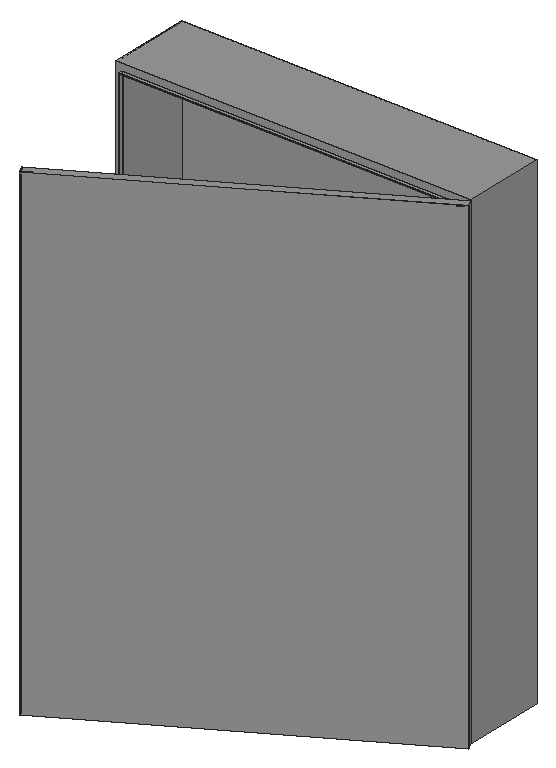
Revit family "Hager-Univers-IP44-D205-H1100-Cl.II-Encl-NoHosted-FR-fr", category Electrical Equipment, Revit 2020
Family settings
  Panel Configuration = Two Columns, Circuits Across
  Round Connector Dimension = Use Diameter
  Part Type = Panelboard
  Work Plane-Based = Yes
  Always vertical = Yes
  Cut with Voids When Loaded = No
  Shared = No
  Room Calculation Point = No
Parameters (values of type "saillie IP44 L800 H1100 P205  - FP73QS")
  Width Control [instance] = if([EF000008 - largeur] > Min Width, [EF000008 - largeur], Min Width)  # 800 mm
  Type Comments = [HG000003 - Gamme]  # "Univers"
  Thickness Door [instance] = if([EF009171 - épaisseur de matériau de la porte/du couvercle] > 3 mm, 3 mm, [EF009171 - épaisseur de matériau de la porte/du couvercle])  # 1 mm
  Seal Frame Offset [instance] = 17 mm  # constant formula
  Plinth Visibility [instance] = [HG000027 - Hauteur du socle] > 0 mm  # no
  Min Width [instance] = 100 mm  # constant formula
  Min Depth [instance] = (2 * [EF009170 - épaisseur de matériau du boîtier]) + 1 mm  # 3 mm
  Min Height [instance] = 100 mm  # constant formula
  Internal Frame Depth [instance] = (Door System Depth * 0.5)  # 9 mm
  Panel Name [instance] = ""  # (empty or 0)
  Model = ""
  HG000027 - Hauteur du socle = 0 mm
  HG000026 - Installation au sol = no
  HG000024 - Hauteur de la section basse = 600 mm
  HG000023 - Armoire double section = no
  HG000016 - Visibilité de la porte 3D [instance] = yes
  HG000015 - Visibilité de l'emprise de la porte [instance] = no
  HG000014 - Porte à droite [instance] = yes
  HG000013 - Porte à gauche [instance] = not([HG000014 - Porte à droite])  # no
  HG000012 - Angle de pivotement de la porte [instance] = 30.00°
  HG000010 - Portes asymétriques = no
  HG000009 - Porte à double battant = no
  HG000006 - Encastré = no
  HG000004 - Référence fabricant = "FP73QS"
  HG000003 - Gamme = "Univers"
  HG000002 - avec porte = yes
  Frame Offset Bottom [instance] = 10 mm  # constant formula
  Frame Offset [instance] = 15 mm  # constant formula
  EF015940 - couvercle avec décharge de pression = no
  EF011959 - degré de protection (NEMA) = ""
  EF009554 - nombre d'ouvertures pour plaques à bride = 6
  EF009212 - finition du couvercle = "EV000116 - fermé"
  EF009171 - épaisseur de matériau de la porte/du couvercle = 1 mm
  EF009170 - épaisseur de matériau du boîtier = 1 mm
  EF008873 - courant nominal (In) = 250 A
  EF007800 - adapté à un parafoudre = no
  EF006306 - avec serrure = no
  EF006244 - couvercle/porte transparent(e) = no
  EF005474 - indice de protection (IP) = "EV006418 - IP44"
  EF004464 - type de porte = "EV002646 - unique"
  EF004427 - nombre de modules = 252
  EF004293 - indice de protection contre les chocs (IK) = "EV006815 - IK09"
  EF003532 - convient pour utilisation à l’extérieur = no
  EF002950 - largeur en nombre de modules = 36
  EF001613 - maintien de fonction = "EV000494 - sans"
  EF001596 - matériau du boîtier/corps = "EV000179 - acier"
  EF001131 - profondeur intérieure = 143 mm
  EF001088 - possibilité de montage en saillie = yes
  EF000437 - nombre d'entrées de conduit = 6
  EF000339 - type de capot = "EV001012 - couvercle"
  EF000266 - nombre de rangées = 7
  EF000218 - profondeur d'encastrement = 0 mm
  EF000118 - avec cadre/support de montage = no
  EF000116 - numéro RAL = "9010"
  EF000049 - profondeur = 205 mm
  EF000040 - hauteur = 1100 mm
  EF000008 - largeur = 800 mm
  EF000007 - couleur = "EV000202 - blanc"
  EF000003 - mode de pose = "EV000384 - saillie"
  Door System Leaf Tolerance [instance] = 1.5 mm  # constant formula
  Door System Depth [instance] = 18 mm  # constant formula
  Door Height [instance] = Height Control - [HG000027 - Hauteur du socle]  # 1100 mm
  Description = ""
  Default Elevation = 1219.2 mm
  Connector Offset [instance] = Height Control / 2  # 550 mm
  Manufacturer = "Hager"  # constant formula
  Height Control [instance] = if([EF000040 - hauteur] > Min Height, [EF000040 - hauteur], Min Height)  # 1100 mm
  Depth Control [instance] = if([EF000049 - profondeur] > Min Depth, [EF000049 - profondeur], Min Depth)  # 205 mm
  Bottom Top Plate Trim [instance] = 1.5 mm  # constant formula
  Plinth height Ctrl [instance] = if([HG000027 - Hauteur du socle] > 0 mm, [HG000027 - Hauteur du socle], 12 mm)  # 12 mm
Types (3, lengths in mm): name | Width Control | HG000009 - Porte à double battant | HG000004 - Référence fabricant | EF009554 - nombre d'ouvertures pour plaques à bride | EF004464 - type de porte | EF004427 - nombre de modules | EF002950 - largeur en nombre de modules | EF000437 - nombre d'entrées de conduit | EF000008 - largeur
  saillie IP44 L1050 H1100 P205  - FP74QS | 1050 | yes | "FP74QS" | 8 | "EV003602 - double" | 336 | 48 | 8 | 1050
  saillie IP44 L550 H1100 P205  - FP72QS | 550 | no | "FP72QS" | 4 | "EV002646 - unique" | 168 | 24 | 4 | 550
  saillie IP44 L800 H1100 P205  - FP73QS | 800 | no | "FP73QS" | 6 | "EV002646 - unique" | 252 | 36 | 6 | 800
Reference planes
  plane 1 "Center (Front/Back)": y = 0
  plane 2: z = 0
  plane 3 "Center (Left/Right)": x = 0
  plane 4: y = 0
  plane 5: y = 0
  plane 6: z = 0
  plane 7: x = -400
  plane 8: x = 400
  plane 9: x = 399
  plane 10: x = -399
  plane 11: z = 0
  plane 12: z = 1
  plane 13: y = -205
  plane 14: y = -1
  plane 15: x = 0
  plane 16: y = -187
  plane 17: y = -204
  plane 18: y = -186
  plane 19: x = -384
  plane 20: x = 384
  plane 21: z = 11
  plane 22: x = -383
  plane 23: x = 383
  plane 24: z = 0
  plane 25: z = 1100
  plane 26: z = 1100
  plane 27: z = 1084
  plane 28: z = 1099
Forms (mm)
  Extrusion 1, solid, material "Hager_Steel_RAL7035_Light_Grey", detail levels medium+fine
    sketch origin (-208.679, -4572, 0) x (-1, 0, 0) y (0, -1, 0)
      loop
        line (191.321, -4385) -> (-608.679, -4385) -> (-608.679, -4572) -> (191.321, -4572) -> (191.321, -4385)
    from 0 to 1100
  Extrusion 2, void
    sketch origin (-350.771, -205, 1219.2) x (1, 0, 0) y (0, 0, 1)
      loop
        line (-48.229, -120.2) -> (-48.229, -1218.2) -> (749.771, -1218.2) -> (749.771, -120.2) -> (-48.229, -120.2)
    from -19 to -204
  Extrusion 3, void
    sketch origin (-290.084, -187, 1219.2) x (1, 0, 0) y (0, 0, 1)
      loop
        line (-93.916, -1208.2) -> (674.084, -1208.2) -> (674.084, -135.2) -> (-93.916, -135.2) -> (-93.916, -1208.2)
    from 0 to -1
  Extrusion 4, solid, material "Hager_Steel_RAL7035_Light_Grey", visible <- "Plinth Visibility", detail levels medium+fine
    sketch origin (0, 0, 0) x (1, 0, 0) y (0, 1, 0)
      loop
        line (-400, 0) -> (-400, -187) -> (400, -187) -> (400, 0) -> (-400, 0)
    from 0 to 12 <- "Plinth height Ctrl"
  Extrusion 5, solid, material "Hager_Steel_RAL7035_Light_Grey", detail levels coarse
    sketch origin (0, 0, 0) x (1, 0, 0) y (0, 1, 0)
      loop
        line (-400, 0) -> (-400, -205) -> (400, -205) -> (400, 0) -> (-400, 0)
    from 0 to 1100 <- "Height Control"
  Sweep 6, void
    path in 3D
      loop
        line (-400, -187, 12) -> (400, -187, 12) -> (400, 0, 12) -> (-400, 0, 12) -> (-400, -187, 12)
    profile origin (-400, -93.5, 12) x (1, 0, 0) y (0, 0, 1)
      loop
        line (0, 0) -> (0, -1.5) -> (1.5, -1.5)
        arc (1.5, -1.5) -> (1.061, -0.439) -> (0, 0) r 1.5
  Extrusion 7, solid, material "Hager_Steel_RAL7035_Light_Grey", detail levels fine
    sketch origin (-400, -187, 0) x (1, 0, 0) y (0, 0, 1)
      loop
        line (16, 11) -> (784, 11) -> (784, 1084) -> (16, 1084) -> (16, 11)
      loop
        line (15, 10) -> (785, 10) -> (785, 1085) -> (15, 1085) -> (15, 10)
    from 0 to 9 <- "Internal Frame Depth"
Cuts and joins
  Extrusion 2, Extrusion 3 cuts Extrusion 1
  Sweep 6 cuts Extrusion 4
Lines and regions (mm)
  Masking region 1
    outline origin (0, 0, 0) x (1, 0, 0) y (0, 1, 0)
      loop
        line (-400, 0) -> (-400, -205) -> (400, -205) -> (400, 0) -> (-400, 0)
  Masking region 2, detail levels coarse
    outline origin (-290.084, -187, 1219.2) x (-1, 0, 0) y (0, 0, 1)
      loop
        line (-690.084, -1219.2) -> (109.916, -1219.2) -> (109.916, -119.2) -> (-690.084, -119.2) -> (-690.084, -1219.2)
  Masking region 3, detail levels coarse
    outline origin (0, 0, 0) x (0, 1, 0) y (0, 0, 1)
      loop
        line (0, 0) -> (0, 1100) -> (-205, 1100) -> (-205, 0) -> (0, 0)
  Masking region 4, visible <- "Plinth Visibility", detail levels medium+fine
    outline origin (0, 0, 0) x (0, 1, 0) y (0, 0, 1)
      loop
        line (-1.5, 12) -> (-185.5, 12)
        arc (-185.5, 12) -> (-185.939, 10.939) -> (-187, 10.5) r 1.5
        line (-187, 10.5) -> (-187, 0) -> (0, 0) -> (0, 10.5)
        arc (0, 10.5) -> (-1.061, 10.939) -> (-1.5, 12) r 1.5
  Masking region 5, detail levels medium+fine
    outline origin (0, 0, 594.038) x (0, 1, 0) y (0, 0, 1)
      loop
        line (0, -594.038) -> (0, 505.962) -> (-187, 505.962) -> (-187, -594.038) -> (0, -594.038)
  Masking region 6, detail levels medium+fine
    outline origin (-359.7, -187, 1211.883) x (-1, 0, 0) y (0, 0, 1)
      loop
        line (-759.7, -1211.883) -> (40.3, -1211.883) -> (40.3, -111.883) -> (-759.7, -111.883) -> (-759.7, -1211.883)
  Masking region 7, visible <- "Plinth Visibility", detail levels medium+fine
    outline origin (-320.334, -187, 1041.368) x (-1, 0, 0) y (0, 0, 1)
      loop
        line (-720.334, -1041.368) -> (79.666, -1041.368) -> (79.666, -1030.868)
        arc (79.666, -1030.868) -> (78.606, -1030.429) -> (78.166, -1029.368) r 1.5
        line (78.166, -1029.368) -> (-718.834, -1029.368)
        arc (-718.834, -1029.368) -> (-719.273, -1030.429) -> (-720.334, -1030.868) r 1.5
        line (-720.334, -1030.868) -> (-720.334, -1041.368)
  sketch lines
    curve 1: line (-400, 0, 12) -> (-400, -187, 12)
    curve 2: line (-400, -187, 12) -> (400, -187, 12)
    curve 3: line (400, 0, 12) -> (-400, 0, 12)
    curve 4: line (400, -187, 12) -> (400, 0, 12)
Dimensions and locks
  locked: plane 1 "Center (Front/Back)" to plane 5
  "EF009170 - épaisseur de matériau du boîtier": plane 7 to plane 10
  "EF009170 - épaisseur de matériau du boîtier": plane 8 to plane 9
  equal spacing: plane 7, plane 3 "Center (Left/Right)", plane 8
  "Width Control": plane 7 to plane 8
  "Depth Control": plane 4 to plane 13
  "EF009170 - épaisseur de matériau du boîtier": plane 4 to plane 14
  "Height Control": plane 25 to level
  "HG000027 - Hauteur du socle": plane 11 to level
  "EF009170 - épaisseur de matériau du boîtier": plane 12 to plane 11
  "EF009170 - épaisseur de matériau du boîtier": plane 17 to plane 13
  "EF009170 - épaisseur de matériau du boîtier": plane 18 to plane 16
  "Frame Offset Bottom": plane 21 to plane 12
  "Frame Offset": plane 10 to plane 19
  "Frame Offset": plane 9 to plane 20
  "Door System Depth": plane 16 to plane 13
  "Seal Frame Offset": plane 7 to plane 22
  "Seal Frame Offset": plane 8 to plane 23
  "EF009170 - épaisseur de matériau du boîtier": plane 26 to plane 28
  "Frame Offset": plane 28 to plane 27
  "Connector Offset": plane 2 to connector elem
  "Bottom Top Plate Trim": profile plane to Sweep 6 sketch curve
  "Bottom Top Plate Trim": Sweep 6 sketch curve to Sweep 6 sketch curve
  "Plinth height Ctrl": Masking region 4 sketch curve to level
  "Plinth height Ctrl": Masking region 7 sketch curve to level
  "Thickness Door": Extrusion 7 sketch curve to Extrusion 7 sketch curve  (x4)
  "Bottom Top Plate Trim": radius of Sweep 6 sketch curve
  "Bottom Top Plate Trim": radius of Masking region 4 sketch curve  (x2)
  "Bottom Top Plate Trim": radius of Masking region 7 sketch curve  (x2)
  aligned and locked: Extrusion 2 sketch curve to plane 12
  aligned and locked: Extrusion 2 sketch curve to plane 9
  aligned and locked: Extrusion 2 sketch curve to plane 10
  aligned and locked: Extrusion 2 to plane 14
  aligned and locked: Extrusion 1 sketch curve to plane 4
  aligned and locked: plane 8 to Extrusion 1 sketch curve
  aligned and locked: plane 7 to Extrusion 1 sketch curve
  aligned and locked: Extrusion 2 to plane 18
  aligned and locked: Extrusion 3 sketch curve to plane 19
  aligned and locked: plane 20 to Extrusion 3 sketch curve
  aligned and locked: Extrusion 3 to Extrusion 2
  aligned and locked: Extrusion 3 sketch curve to plane 21
  aligned and locked: plane 3 "Center (Left/Right)" to nested 1
  aligned and locked: Extrusion 1 sketch curve to plane 16
  aligned and locked: Extrusion 4 sketch curve to cut or joined group of Extrusion 1, Extrusion 2, Extrusion 3
  aligned and locked: Masking region 1 sketch curve to plane 7
  aligned and locked: Masking region 1 sketch curve to plane 5
  aligned and locked: Masking region 1 sketch curve to plane 8
  aligned and locked: Masking region 2 sketch curve to level
  aligned and locked: level to Masking region 3 sketch curve
  aligned and locked: plane 1 "Center (Front/Back)" to Masking region 3 sketch curve
  aligned and locked: plane 13 to Masking region 3 sketch curve
  aligned and locked: plane 5 to Masking region 4 sketch curve
  aligned and locked: Masking region 2 sketch curve to plane 8
  aligned and locked: Masking region 2 sketch curve to plane 7
  aligned and locked: plane 7 to nested 2
  aligned and locked: nested 2 to plane 5
  aligned and locked: plane 5 to Masking region 5 sketch curve
  aligned and locked: plane 26 to Masking region 5 sketch curve
  aligned and locked: Extrusion 5 sketch curve to plane 8
  aligned and locked: Extrusion 5 sketch curve to plane 7
  aligned and locked: Extrusion 5 sketch curve to plane 5
  aligned and locked: Extrusion 3 sketch curve to plane 27
  aligned and locked: Extrusion 2 sketch curve to plane 28
  aligned and locked: Masking region 2 to plane 25
  aligned and locked: Extrusion 4 to plane 16
  aligned and locked: profile plane to Sweep 6 sketch curve
  aligned and locked: Masking region 5 sketch curve to plane 24
  aligned and locked: level to Masking region 4 sketch curve
  aligned and locked: Masking region 1 to plane 13
  aligned and locked: nested 1 to plane 16
  aligned and locked: Masking region 3 to plane 25
  aligned and locked: plane 16 to Masking region 4 sketch curve
  aligned and locked: Masking region 5 sketch curve to plane 16
  aligned and locked: plane 24 to plane 11
  aligned and locked: plane 26 to plane 25
  aligned and locked: plane 26 to cut or joined group of Extrusion 1, Extrusion 2, Extrusion 3
  aligned and locked: nested 1 to plane 24
  aligned and locked: Extrusion 1 to Extrusion 3
  aligned and locked: Masking region 6 sketch curve to plane 8
  aligned and locked: Masking region 6 sketch curve to plane 24
  aligned and locked: Masking region 6 sketch curve to plane 7
  aligned and locked: Masking region 6 sketch curve to plane 26
  aligned and locked: Masking region 7 sketch curve to plane 7
  aligned and locked: level to Masking region 7 sketch curve
  aligned and locked: Masking region 7 sketch curve to plane 8
  aligned and locked: Extrusion 7 sketch curve to cut or joined group of Extrusion 1, Extrusion 2, Extrusion 3  (x4)
Automatic sketch dimensions
  plane 19 to Extrusion 3 sketch curve = 0 mm
  Extrusion 3 sketch curve to plane 20 = 0 mm
  Extrusion 3 sketch curve to plane 21 = 0 mm
  Extrusion 4 sketch curve to plane 7 = 0 mm
  Extrusion 4 sketch curve to plane 8 = 0 mm
  Extrusion 4 sketch curve to plane 16 = 0 mm
  Masking region 1 sketch curve to plane 13 = 0 mm
  Masking region 2 sketch curve to plane 25 = 0 mm
  Masking region 3 sketch curve to plane 25 = 0 mm
  Extrusion 5 sketch curve to plane 13 = 0 mm
  profile plane to Sweep 6 sketch curve = 0 mm
Nested families
  nested 1: "EC000058_Univers_Door" at (0, -187, 0), Double <- "HG000009 - Porte à double battant", Transparent <- "EF006244 - couvercle/porte transparent(e)", Angle <- "HG000012 - Angle de pivotement de la porte", Door_Right <- "HG000014 - Porte à droite", Assymetrical <- "HG000010 - Portes asymétriques", Door <- "HG000002 - avec porte", Width_Ctrl <- "Width Control", 3d_Door <- "HG000016 - Visibilité de la porte 3D", Clearance <- "HG000015 - Visibilité de l'emprise de la porte", Door_Left <- "HG000013 - Porte à gauche", Width <- "Width Control", Door_Depth <- "Door System Depth", Leaf_Tolerance <- "Door System Leaf Tolerance", Height <- "Door Height", Lock_Visibility <- "EF006306 - avec serrure", Thickness <- "Thickness Door", type "EC000058_Univers_Door", detail levels medium+fine
    with min_wh 3 mm, Width_Ctrl 800 mm, Width 800 mm, Transparent no, Thickness 1 mm, Seal_Material Hager_Rubber, Lock_Visibility no, Lock_Material Hager_Plastic_RAL9005_Jet_Black, Leaf_Width 800 mm, Leaf_Tolerance_External_Sides 0 mm, Leaf_Tolerance 1.5 mm, Leaf_Offset 0 mm, Leaf_Height 1097 mm, Leaf_2_Width 800 mm, Leaf_2_Offset 400 mm, Leaf_1_Width 800 mm, Leaf_1_Offset 400 mm, Height_Ctrl 1100 mm, Height 1100 mm, Glass_Material Hager_Glass, Double_Clearance_Ctrl no, Double no, Door_Right_Ctrl yes, Door_Right yes, Door_Material Hager_Steel_RAL7035_Light_Grey, Door_Left_Ctrl no, Door_Left no, Door_Depth 18 mm, Door yes, Clearance_Material Hager_Clearance, Clearance_Depth 800 mm, Clearance_Ctrl no, Clearance no, Assymetrical no, Angle 30.00°, 3d_Door yes
  nested 2: "Hager_Enclosure_Symbol" at (-400, 0, 0), Height <- "Depth Control", Width <- "Width Control", type "Hager_Enclosure_Symbol"
    with Width_Ctrl 800 mm, Width 800 mm, Height_Ctrl 205 mm, Height 205 mm, A_Width_Int 13.453 mm, A_Width 161.438 mm, A_Height_Ctrl 179.375 mm, A_Height 179.375 mm
Connectors
  electrical at (0, 0, 550)
    settings: on plane 1 "Center (Front/Back)", index 1, voltage 0 V, apparent load 0 VA, apparent load phase1 0 VA, apparent load phase2 0 VA, apparent load phase3 0 VA, power factor 1, load classification "Other", number of poles 1, system type 30, power factor state 1, is connector primary yes, connector utility no, sub classification motor no, connector description ""
Definition of nested family "EC000058_Univers_Door"
  Parameters (values of type "EC000058_Univers_Door")
    min_wh [instance] = (2 * Thickness) + 1 mm  # 11 mm
    Width_Ctrl [instance] = 400 mm
    Width [instance] = 500 mm
    Transparent [instance] = yes
    Thickness [instance] = 5 mm
    Seal_Material [instance] = none
    Lock_Visibility [instance] = yes
    Lock_Material [instance] = none
    Leaf_Width [instance] = if((Width_Ctrl - 2 * Leaf_Tolerance_External_Sides) > 0 mm, (Width_Ctrl - 2 * Leaf_Tolerance_External_Sides), min_wh)  # 400 mm
    Leaf_Tolerance_External_Sides [instance] = 0 mm  # constant formula
    Leaf_Tolerance [instance] = 1.5 mm
    Leaf_Offset [instance] = 0 mm  # constant formula
    Leaf_Height [instance] = if((Height_Ctrl - 2 * Leaf_Tolerance) > 0 mm, (Height_Ctrl - 2 * Leaf_Tolerance), min_wh)  # 497 mm
    Leaf_2_Width [instance] = if(and(and(Double, Assymetrical), Door_Left), (Leaf_Width / 3) - (Leaf_Tolerance / 2), if(and(and(Double, Assymetrical), Door_Right), (Leaf_Width / 3) * 2 - (Leaf_Tolerance / 2), if(and(Double, not(Assymetrical)), (Leaf_Width / 2) - Leaf_Tolerance, Leaf_Width)))  # 400 mm
    Leaf_2_Offset [instance] = if(and(Double, Assymetrical), Leaf_2_Width / 2, if(and(Double, not(Assymetrical)), Leaf_Width / 4, Leaf_Width / 2))  # 200 mm
    Leaf_1_Width [instance] = if(and(and(Double, Assymetrical), Door_Right), (Leaf_Width / 3) - (Leaf_Tolerance / 2), if(and(and(Double, Assymetrical), Door_Left), (Width / 3) * 2 - (Leaf_Tolerance / 2), if(and(Double, not(Assymetrical)), (Leaf_Width / 2) - Leaf_Tolerance, Leaf_Width)))  # 400 mm
    Leaf_1_Offset [instance] = if(and(Double, Assymetrical), Leaf_1_Width / 2, if(and(Double, not(Assymetrical)), Leaf_Width / 4, Leaf_Width / 2))  # 200 mm
    Height_Ctrl [instance] = if(Height > min_wh, Height, min_wh)  # 500 mm
    Height [instance] = 500 mm
    Glass_Material [instance] = none
    Double_Clearance_Ctrl [instance] = and(Double, Clearance)  # no
    Double [instance] = no
    Door_Right_Ctrl [instance] = and(or(Door_Right, Double), Door)  # yes
    Door_Right [instance] = yes
    Door_Material [instance] = none
    Door_Left_Ctrl [instance] = and(or(Door_Left, Double), Door)  # no
    Door_Left [instance] = no
    Door_Depth [instance] = 30 mm
    Door [instance] = yes
    Default Elevation = 1219.2 mm
    Clearance_Material [instance] = none
    Clearance_Depth [instance] = if(Leaf_1_Width > Leaf_2_Width, Leaf_1_Width, Leaf_2_Width)  # 400 mm
    Clearance_Ctrl [instance] = and(not(Double), Clearance)  # yes
    Clearance [instance] = yes
    Assymetrical [instance] = yes
    Angle [instance] = 30.00°
    3d_Door [instance] = yes
  Reference planes
    plane 1 "Center (Front/Back)": y = 0
    plane 2 "Bottom": z = 0
    plane 3 "Center (Left/Right)": x = 0
    plane 4: z = 500
    plane 5: x = -200
    plane 6: x = 200
    plane 7: z = 500
    plane 8: x = -200
    plane 9: z = 0
    plane 10: x = 200
    plane 11: y = 0
    plane 12: z = 1.5
    plane 13: x = -600
    plane 14: y = -400
    plane 15: x = 600
    plane 16: x = 0
    plane 17: x = 0
    plane 18: x = -200
    plane 19: x = 200
    plane 20: z = 498.5
  Forms (mm)
    Extrusion 1, solid, material <- "Clearance_Material", visible <- "Double_Clearance_Ctrl"
      sketch origin (1200, 0, 0) x (1, 0, 0) y (0, 0, -1)
        loop
          line (-1800, -498.5) -> (-600, -498.5) -> (-600, 0) -> (-1800, 0) -> (-1800, -498.5)
      from 0 to -400
  Dimensions and locks
    equal spacing: plane 5, plane 3 "Center (Left/Right)", plane 6
    "Width_Ctrl": plane 5 to plane 6
    "Leaf_Offset": plane 5 to plane 8
    "Leaf_Offset": plane 6 to plane 10
    "Leaf_Offset": plane 9 to level
    "Leaf_Offset": plane 4 to plane 7
    "Height_Ctrl": plane 4 to level
    "Leaf_Tolerance": plane 12 to plane 9
    locked: plane 11 to plane 1 "Center (Front/Back)"
    "Leaf_1_Offset": plane 18 to plane 16
    "Leaf_2_Offset": plane 17 to plane 19
    "Leaf_1_Width": plane 13 to plane 8
    "Leaf_2_Width": plane 10 to plane 15
    "Clearance_Depth": plane 14 to plane 1 "Center (Front/Back)"
    "Leaf_Tolerance_External_Sides": plane 8 to plane 18
    "Leaf_Tolerance_External_Sides": plane 19 to plane 10
    "Leaf_Tolerance": plane 7 to plane 20
    aligned and locked: level to plane 2 "Bottom"
    aligned and locked: nested 1 to plane 16
    aligned and locked: nested 2 to plane 17
    aligned and locked: Extrusion 1 to plane 13
    aligned and locked: plane 15 to Extrusion 1
    aligned and locked: Extrusion 1 to plane 14
    aligned and locked: plane 12 to nested 1
    aligned and locked: nested 2 to plane 12
    aligned and locked: Extrusion 1 to plane 11
    aligned and locked: plane 20 to Extrusion 1
    aligned and locked: nested 2 to plane 11
    aligned and locked: nested 1 to plane 11
  Automatic sketch dimensions
    Extrusion 1 sketch curve to level = 0 mm
    plane 5 to Extrusion 1 sketch curve = 400 mm
    plane 6 to Extrusion 1 sketch curve = 400 mm
    Extrusion 1 sketch curve to plane 4 = 1.5 mm
  Nested families
    nested 1: "EC000058_Univers_Door_Leaf" at (0, 0, 1.5), Width <- "Leaf_1_Width", visible <- "Door_Left_Ctrl", Leaf_Height <- "Leaf_Height", Angle <- "Angle", 3d_Door <- "3d_Door", Transparent <- "Transparent", Clearance Material <- "Clearance_Material", Clearance <- "Clearance_Ctrl", Door_Material <- "Door_Material", Glass_Material <- "Glass_Material", Door_Depth <- "Door_Depth", Lock_Material <- "Lock_Material", Seal_Material <- "Seal_Material", Lock_Visibility <- "Lock_Visibility", Thickness <- "Thickness", type "EC000058_Univers_Door_Leaf"
      with Width 400 mm, Transparent_Glass_Offset 30 mm, Transparent_Ctrl yes, Transparent yes, Thickness 5 mm, Standard no, Seal_Material none, Seal_D2 8 mm, Seal_D1 1 mm, Offset_Internal_Frame 10 mm, Lock_Width 20 mm, Lock_Visibility_3d yes, Lock_Visibility yes, Lock_Thickness_3 3 mm, Lock_Thickness_2 1 mm, Lock_Thickness_1 3 mm, Lock_Radius_Offset_2 16 mm, Lock_Radius_Offset_1 15 mm, Lock_Radius_2 5 mm, Lock_Radius 6 mm, Lock_Offset 5 mm, Lock_Material none, Lock_Height 80 mm, Lock_Cover_Top_Offset_2d 17 mm, Lock_Cover_Height -65 mm, Leaf_Height 497 mm, Internal_Seal_Thickness 8 mm, Internal_Seal_Depth_2 4.5 mm, Internal_Frame_Depth 25 mm, Glass_Thickness -1 mm, Glass_Offset -2 mm, Glass_Material none, Door_Material none, Door_Depth 30 mm, Clearance Material none, Clearance yes, Angle_Ctrl 30.00°, Angle 30.00°, 3d_Door yes
    nested 2: "EC000058_Univers_Door_Leaf" at (0, 0, 1.5) x (-1, 0, 0) z (0, 0, 1), Width <- "Leaf_2_Width", visible <- "Door_Right_Ctrl", Leaf_Height <- "Leaf_Height", Angle <- "Angle", 3d_Door <- "3d_Door", Transparent <- "Transparent", Clearance Material <- "Clearance_Material", Clearance <- "Clearance_Ctrl", Door_Material <- "Door_Material", Glass_Material <- "Glass_Material", Door_Depth <- "Door_Depth", Lock_Material <- "Lock_Material", Seal_Material <- "Seal_Material", Lock_Visibility <- "Lock_Visibility", Thickness <- "Thickness", type "EC000058_Univers_Door_Leaf"
      with Width 400 mm, Transparent_Glass_Offset 30 mm, Transparent_Ctrl yes, Transparent yes, Thickness 5 mm, Standard no, Seal_Material none, Seal_D2 8 mm, Seal_D1 1 mm, Offset_Internal_Frame 10 mm, Lock_Width 20 mm, Lock_Visibility_3d yes, Lock_Visibility yes, Lock_Thickness_3 3 mm, Lock_Thickness_2 1 mm, Lock_Thickness_1 3 mm, Lock_Radius_Offset_2 16 mm, Lock_Radius_Offset_1 15 mm, Lock_Radius_2 5 mm, Lock_Radius 6 mm, Lock_Offset 5 mm, Lock_Material none, Lock_Height 80 mm, Lock_Cover_Top_Offset_2d 17 mm, Lock_Cover_Height -65 mm, Leaf_Height 497 mm, Internal_Seal_Thickness 8 mm, Internal_Seal_Depth_2 4.5 mm, Internal_Frame_Depth 25 mm, Glass_Thickness -1 mm, Glass_Offset -2 mm, Glass_Material none, Door_Material none, Door_Depth 30 mm, Clearance Material none, Clearance yes, Angle_Ctrl 30.00°, Angle 30.00°, 3d_Door yes
  Definition of nested family "EC000058_Univers_Door_Leaf"
    Parameters (values of type "EC000058_Univers_Door_Leaf")
      Width [instance] = 2000 mm
      Transparent_Glass_Offset [instance] = 30 mm
      Transparent_Ctrl [instance] = and(Transparent, [3d_Door])  # yes
      Transparent [instance] = yes
      Thickness [instance] = 5 mm
      Standard [instance] = and(not(Transparent), [3d_Door])  # no
      Seal_Material [instance] = none
      Seal_D2 [instance] = 8 mm  # constant formula
      Seal_D1 [instance] = 1 mm  # constant formula
      Offset_Internal_Frame [instance] = 10 mm  # constant formula
      Lock_Width [instance] = 20 mm  # constant formula
      Lock_Visibility_3d [instance] = and(Lock_Visibility, [3d_Door])  # yes
      Lock_Visibility [instance] = yes
      Lock_Thickness_3 [instance] = 3 mm  # constant formula
      Lock_Thickness_2 [instance] = 1 mm  # constant formula
      Lock_Thickness_1 [instance] = 3 mm  # constant formula
      Lock_Radius_Offset_2 [instance] = Lock_Radius_Offset_1 + 1 mm  # 16 mm
      Lock_Radius_Offset_1 [instance] = 15 mm  # constant formula
      Lock_Radius_2 [instance] = Lock_Radius - 1 mm  # 5 mm
      Lock_Radius [instance] = 6 mm  # constant formula
      Lock_Offset [instance] = 5 mm  # constant formula
      Lock_Material [instance] = none
      Lock_Height [instance] = 80 mm  # constant formula
      Lock_Cover_Top_Offset_2d [instance] = Lock_Radius_Offset_2 + 1 mm  # 17 mm
      Lock_Cover_Height [instance] = -(Lock_Height - Lock_Radius_Offset_1)  # -65 mm
      Leaf_Height [instance] = 2720.336 mm
      Internal_Seal_Thickness [instance] = 8 mm  # constant formula
      Internal_Seal_Depth_2 [instance] = 4.5 mm  # constant formula
      Internal_Frame_Depth [instance] = if(Door_Depth - Thickness > 5 mm, Door_Depth - Thickness, 5 mm)  # 25 mm
      Glass_Thickness [instance] = if(Thickness > 15 mm, Glass_Offset + 10 mm, -1 mm)  # -1 mm
      Glass_Offset [instance] = if(Thickness > 15 mm, -(Thickness + 10 mm) / 2, -2 mm)  # -2 mm
      Glass_Material [instance] = none
      Door_Material [instance] = none
      Door_Depth [instance] = 30 mm
      Default Elevation = 0 mm
      Clearance Material [instance] = none
      Clearance [instance] = yes
      Angle_Ctrl [instance] = if(Angle > 180.00°, 180.00°, Angle)  # 90.00°
      Angle [instance] = 90.00°
      3d_Door [instance] = yes
    Reference planes
      plane 1 "Center (Front/Back)": y = 0
      plane 2: z = 0
      plane 3 "Center (Left/Right)": x = 0
      plane 4: y = 2000
      plane 5: x = -1000
      plane 6: x = 1000
      plane 7: x = -3000
      plane 8: z = 2720.336
      plane 9: z = 30
      plane 10: z = 2690.336
      plane 11: x = 970
      plane 12: x = -970
      plane 13: y = -3
      plane 14: z = 107.833
      plane 15: y = -5
      plane 16: y = -223.314
      plane 17: x = -1000
      plane 18: z = 1360.168
      plane 19: y = 30
    Forms (mm)
      Extrusion 1, solid, material <- "Clearance Material", visible <- "Clearance"
        sketch origin (0, 0, 0) x (1, 0, 0) y (0, 0, 1)
          loop
            line (-3000, 2720.336) -> (-3000, 0) -> (1000, 0) -> (1000, 2720.336) -> (-3000, 2720.336)
        from 0 to -2000
      Extrusion 2, solid, material <- "Door_Material", visible <- "Standard", detail levels medium+fine
        sketch origin (-1000, 0, 0) x (0, 1, 0) y (-1, 0, 0)
          loop
            line (0, 30) -> (0, 25) -> (2000, 25) -> (2000, 30) -> (0, 30)
        from 0 to 2720.336 <- "Leaf_Height"
      Extrusion 3, solid, material <- "Door_Material", visible <- "Transparent_Ctrl", detail levels medium+fine
        sketch origin (-1000, 0, 0) x (0, 1, 0) y (-1, 0, 0)
          loop
            line (0, 25) -> (2000, 25) -> (2000, 30) -> (0, 30) -> (0, 25)
        from 0 to 2720.336 <- "Leaf_Height"
      Extrusion 4, void
        sketch origin (-1025, 2000, 0) x (0, 1, 0) y (0, 0, -1)
          loop
            line (-30, -2690.336) -> (-30, -30) -> (-1970, -30) -> (-1970, -2690.336) -> (-30, -2690.336)
        from 0 to 5 <- "Thickness"
      Sweep 5, solid, material <- "Seal_Material", visible <- "Transparent_Ctrl", detail levels fine
        path in 3D
          loop
            line (-1025, 30, 30) -> (-1025, 30, 2690.336) -> (-1025, 1970, 2690.336) -> (-1025, 1970, 30) -> (-1025, 30, 30)
        profile origin (-1025, 1000, 30) x (1, 0, 0) y (0, 0, 1)
          loop
            line (0, 0) -> (0, -8) -> (1, -8) -> (1, 0) -> (0, 0)
      Extrusion 6, solid, material <- "Glass_Material", visible <- "Transparent_Ctrl", detail levels medium+fine
        sketch origin (-1030, 0, 0) x (0, 1, 0) y (0, 0, -1)
          loop
            line (1970, -2690.336) -> (1970, -30) -> (30, -30) -> (30, -2690.336) -> (1970, -2690.336)
        from -2 <- "Glass_Offset" to -1 <- "Glass_Thickness"
      Extrusion 7, solid, material <- "Door_Material", visible <- "3d_Door", detail levels medium+fine
        sketch origin (-1025, 2000, 0) x (0, -1, 0) y (0, 0, -1)
          loop
            line (0, -2720.336) -> (2000, -2720.336) -> (2000, 0) -> (0, 0) -> (0, -2720.336)
          loop
            line (1995, -5) -> (5, -5) -> (5, -2715.336) -> (1995, -2715.336) -> (1995, -5)
        from 0 to 25 <- "Internal_Frame_Depth"
      Sweep 8, solid, material <- "Seal_Material", visible <- "Transparent_Ctrl", detail levels fine
        path in 3D
          loop
            line (-1025, 0, 0) -> (-1025, 2000, 0) -> (-1025, 2000, 2720.336) -> (-1025, 0, 2720.336) -> (-1025, 0, 0)
        profile origin (-1025, 0, 1360.168) x (1, 0, 0) y (0, 1, 0)
          loop
            line (0, 10) -> (2.975, 10)
            arc (2.975, 10) -> (4.053, 10.447) -> (4.5, 11.525) r 1.525
            line (4.5, 11.525) -> (4.5, 16.527)
            arc (4.5, 16.527) -> (4.069, 17.569) -> (3.027, 18) r 1.473
            line (3.027, 18) -> (0, 18) -> (0, 10)
      Extrusion 9, solid, material <- "Lock_Material", visible <- "Lock_Visibility_3d", detail levels fine
        sketch origin (-1030, 0, 0) x (0, 1, 0) y (0, 0, -1)
          loop
            arc (1993.5, -1400.168) -> (1994.561, -1399.729) -> (1995, -1398.668) r 1.5
            line (1995, -1398.668) -> (1995, -1320.168) -> (1975, -1320.168) -> (1975, -1398.668)
            arc (1975, -1398.668) -> (1975.439, -1399.729) -> (1976.5, -1400.168) r 1.5
            line (1976.5, -1400.168) -> (1993.5, -1400.168)
        from 3 <- "Lock_Thickness_1" to 0
      Blend 10, solid, material <- "Lock_Material", visible <- "Lock_Visibility_3d", detail levels fine
        base sketch origin (-1033, 0, 0) x (0, 1, 0) y (0, 0, -1)
          loop
            line (1975, -1320.168) -> (1975, -1398.668)
            arc (1975, -1398.668) -> (1975.439, -1399.729) -> (1976.5, -1400.168) r 1.5
            line (1976.5, -1400.168) -> (1993.5, -1400.168)
            arc (1993.5, -1400.168) -> (1994.561, -1399.729) -> (1995, -1398.668) r 1.5
            line (1995, -1398.668) -> (1995, -1320.168) -> (1975, -1320.168)
        top sketch origin (-1033, 0, 0) x (0, 1, 0) y (0, 0, -1)
          loop
            line (1976, -1320.168) -> (1976, -1398.668)
            arc (1976, -1398.668) -> (1976.146, -1399.022) -> (1976.5, -1399.168) r 0.5
            line (1976.5, -1399.168) -> (1993.5, -1399.168)
            arc (1993.5, -1399.168) -> (1993.854, -1399.022) -> (1994, -1398.668) r 0.5
            line (1994, -1398.668) -> (1994, -1320.168) -> (1976, -1320.168)
        from 0 to 1 <- "Lock_Thickness_2"
      Blend 11, solid, material <- "Lock_Material", visible <- "Lock_Visibility_3d", detail levels fine
        base sketch origin (-1034, 0, 0) x (0, 1, 0) y (0, 0, -1)
          loop
            line (1978, -1320.168) -> (1978, -1384.168)
            arc (1978, -1384.168) -> (1985, -1391.168) -> (1992, -1384.168) r 7
            line (1992, -1384.168) -> (1992, -1320.168) -> (1978, -1320.168)
        top sketch origin (-1034, 0, 0) x (0, 1, 0) y (0, 0, -1)
          loop
            line (1991, -1320.168) -> (1979, -1320.168) -> (1979, -1383.168)
            arc (1979, -1383.168) -> (1985, -1389.168) -> (1991, -1383.168) r 6
            line (1991, -1383.168) -> (1991, -1320.168)
        from 0 to 3 <- "Lock_Thickness_3"
      Extrusion 12, solid, material <- "Lock_Material", visible <- "Lock_Visibility_3d", detail levels fine
        sketch origin (-1030, 1975, 1320.168) x (1, 0, 0) y (0, -1, 0)
          loop
            line (-7, -19) -> (-7, -1) -> (0, -1) -> (0, 0) -> (-8, 0) -> (-8, -20) -> (0, -20) -> (0, -19) -> (-7, -19)
        from 0 to -65 <- "Lock_Cover_Height"
      Extrusion 13, void
        sketch origin (-1038, 1995, 1320.168) x (-1, 0, 0) y (0, 0, -1)
          loop
            line (-5, -65) -> (0, -65) -> (-5, -60) -> (-5, -65)
        from 0 to 20 <- "Lock_Width"
      Extrusion 14, void
        sketch origin (-1038, 1975, 1320.168) x (0, -1, 0) y (0, 0, -1)
          loop
            circle (-10, -15.995) r 6
          loop
            circle (-10, -15.995) r 5
        from 0 to 2
      Extrusion 15, solid, material <- "Lock_Material", visible <- "Lock_Visibility_3d", detail levels medium
        sketch origin (-1030, 0, 0) x (0, 1, 0) y (0, 0, -1)
          loop
            arc (1993.5, -1400.168) -> (1994.561, -1399.729) -> (1995, -1398.668) r 1.5
            line (1995, -1398.668) -> (1995, -1320.168) -> (1975, -1320.168) -> (1975, -1398.668)
            arc (1975, -1398.668) -> (1975.439, -1399.729) -> (1976.5, -1400.168) r 1.5
            line (1976.5, -1400.168) -> (1993.5, -1400.168)
        from 8 to 0
    Cuts and joins
      Extrusion 4 cuts Extrusion 3
      Extrusion 13, Extrusion 14 cuts Extrusion 9
      Extrusion 14 cuts Blend 11
      Extrusion 13, Extrusion 14 cuts Extrusion 12
      joined: Extrusion 9, Blend 10, Blend 11, Extrusion 12
      Extrusion 14 cuts Extrusion 15
    Lines and regions (mm)
      Masking region 1, visible <- "Lock_Visibility", detail levels fine
        outline origin (0, 0, 0) x (0, 1, 0) y (0, 0, 1)
          loop
            line (30, 1320.168) -> (33, 1320.168) -> (33, 1400.168) -> (30, 1400.168) -> (30, 1320.168)
      Masking region 2, visible <- "Lock_Visibility", detail levels fine
        outline origin (0, 3.143, 0) x (0, 1, 0) y (0, 0, 1)
          loop
            line (29.857, 1354.168) -> (30.857, 1354.168) -> (30.857, 1366.168) -> (29.857, 1366.168) -> (29.857, 1354.168)
      Masking region 3, detail levels medium+fine
        outline origin (0, 0, 0) x (0, 1, 0) y (0, 0, 1)
          loop
            line (0, 0) -> (30, 0) -> (30, 2720.336) -> (0, 2720.336) -> (0, 0)
      Masking region 4, detail levels medium+fine
        outline origin (0, 0, 0) x (1, 0, 0) y (0, 0, 1)
          loop
            line (-1000, 2720.336) -> (-1000, 0) -> (1000, 0) -> (1000, 2720.336) -> (-1000, 2720.336)
      Masking region 5, visible <- "Lock_Visibility", detail levels fine
        outline origin (-47.116, 0, 0) x (1, 0, 0) y (0, 0, 1)
          loop
            arc (1024.616, 1399.168) -> (1023.556, 1398.729) -> (1023.116, 1397.668) r 1.5
            line (1023.116, 1397.668) -> (1023.116, 1320.168) -> (1041.116, 1320.168) -> (1041.116, 1397.668)
            arc (1041.116, 1397.668) -> (1040.677, 1398.729) -> (1039.616, 1399.168) r 1.5
            line (1039.616, 1399.168) -> (1024.616, 1399.168)
      Masking region 6, visible <- "Lock_Visibility", detail levels medium+fine
        outline origin (-25, 0, 0) x (1, 0, 0) y (0, 0, 1)
          loop
            arc (1001.5, 1400.168) -> (1000.439, 1399.729) -> (1000, 1398.668) r 1.5
            line (1000, 1398.668) -> (1000, 1320.168) -> (1020, 1320.168) -> (1020, 1398.668)
            arc (1020, 1398.668) -> (1019.561, 1399.729) -> (1018.5, 1400.168) r 1.5
            line (1018.5, 1400.168) -> (1001.5, 1400.168)
      Masking region 7, visible <- "Lock_Visibility", detail levels fine
        outline origin (-73.735, 0, 0) x (1, 0, 0) y (0, 0, 1)
          loop
            line (1051.735, 1382.168) -> (1065.735, 1382.168) -> (1065.735, 1384.168)
            arc (1065.735, 1384.168) -> (1058.735, 1391.168) -> (1051.735, 1384.168) r 7
            line (1051.735, 1384.168) -> (1051.735, 1382.168)
      Masking region 8, visible <- "Lock_Visibility", detail levels fine
        outline origin (-73.735, 0, 0) x (1, 0, 0) y (0, 0, 1)
          loop
            line (1052.735, 1382.168) -> (1064.735, 1382.168) -> (1064.735, 1383.168)
            arc (1064.735, 1383.168) -> (1058.735, 1389.168) -> (1052.735, 1383.168) r 6
            line (1052.735, 1383.168) -> (1052.735, 1382.168)
      Masking region 9, visible <- "Lock_Visibility", detail levels fine
        outline origin (-25, 0, 0) x (1, 0, 0) y (0, 0, 1)
          loop
            line (1020, 1320.168) -> (1020, 1382.168) -> (1000, 1382.168) -> (1000, 1320.168) -> (1020, 1320.168)
      Masking region 10, detail levels medium+fine
        outline origin (0, 0, 0) x (1, 0, 0) y (0, 0, 1)
          loop
            circle (985, 1335.144) r 6
      Masking region 11, detail levels fine
        outline origin (0, 0, 0) x (1, 0, 0) y (0, 0, 1)
          loop
            circle (985, 1335.144) r 5
      Masking region 12, visible <- "Lock_Visibility", detail levels fine
        outline origin (0, 12.767, 0) x (0, 1, 0) y (0, 0, 1)
          loop
            line (20.233, 1320.168) -> (21.233, 1320.168) -> (21.233, 1399.168) -> (20.233, 1400.168) -> (20.233, 1320.168)
      Masking region 13, visible <- "Lock_Visibility", detail levels fine
        outline origin (0, 13.767, -10) x (0, 1, 0) y (0, 0, 1)
          loop
            line (20.233, 1330.168) -> (23.233, 1330.168) -> (23.233, 1399.168) -> (20.233, 1402.168) -> (20.233, 1330.168)
      Masking region 14, visible <- "Lock_Visibility", detail levels fine
        outline origin (0, 12.767, -10) x (0, 1, 0) y (0, 0, 1)
          loop
            line (20.233, 1330.168) -> (25.233, 1330.168) -> (25.233, 1399.305) -> (20.233, 1394.305) -> (20.233, 1330.168)
      Masking region 15, visible <- "Lock_Visibility", detail levels medium
        outline origin (0, 0, 0) x (0, 1, 0) y (0, 0, 1)
          loop
            line (30, 1320.168) -> (38, 1320.168) -> (38, 1400.168) -> (30, 1400.168) -> (30, 1320.168)
      Masking region 16, visible <- "Lock_Visibility", detail levels fine
        outline origin (-1000, 0, 0) x (0, 1, 0) y (-1, 0, 0)
          loop
            line (1975, 30) -> (1995, 30) -> (1995, 38) -> (1975, 38) -> (1975, 30)
          loop
            line (1979, 37) -> (1976, 37) -> (1976, 34) -> (1978, 34) -> (1979, 37)
          loop
            line (1994, 37) -> (1991, 37) -> (1992, 34) -> (1994, 34) -> (1994, 37)
      Masking region 17, visible <- "Lock_Visibility", detail levels medium
        outline origin (-1000, 0, 0) x (0, 1, 0) y (-1, 0, 0)
          loop
            line (1975, 30) -> (1995, 30) -> (1995, 38) -> (1975, 38) -> (1975, 30)
      symbolic lines
        curve 1: line (1000, 0, 0) -> (-3000, 0, 0)
        curve 2: arc (1000, 0, 0) -> (-1000, 2000, 0) -> (-3000, 0, 0) r 2000
        curve 4: line (-1030, 0, 0) -> (-1030, 2000, 0)
      reference lines
        curve 3: line (-1000, 0, 0) -> (-1000, 2000, 0)
      symbolic lines, detail levels medium+fine
        curve 5: line (-1030, 2000, 0) -> (-1025, 2000, 0)
        curve 7: line (-1025, 0, 0) -> (-1030, 0, 0)
        curve 8: line (-1025, 0, 0) -> (-1000, 0, 0)
        curve 9: line (-1000, 0, 0) -> (-1000, 2000, 0)
        curve 10: line (-1000, 2000, 0) -> (-1025, 2000, 0)
      symbolic lines, detail levels fine
        curve 6: line (-1025, 2000, 0) -> (-1025, 0, 0)
      sketch lines
        curve 11: line (-1025, 0, 2720.336) -> (-1025, 0, 0)
        curve 12: line (-1025, 2000, 0) -> (-1025, 0, 0)
        curve 13: line (-1025, 2000, 2720.336) -> (-1025, 2000, 0)
        curve 14: line (-1025, 0, 2720.336) -> (-1025, 2000, 2720.336)
        curve 15: line (-1025, 1970, 30) -> (-1025, 30, 30)
        curve 16: line (-1025, 30, 30) -> (-1025, 30, 2690.336)
        curve 17: line (-1025, 1970, 2690.336) -> (-1025, 1970, 30)
        curve 18: line (-1025, 30, 2690.336) -> (-1025, 1970, 2690.336)
      symbolic lines, visible <- "Transparent", detail levels medium+fine
        curve 19: line (-970, 0, 2690.336) -> (970, 0, 2690.336)
        curve 20: line (-970, 0, 30) -> (-970, 0, 2690.336)
        curve 21: line (970, 0, 30) -> (-970, 0, 30)
        curve 22: line (970, 0, 2690.336) -> (970, 0, 30)
    Dimensions and locks
      "Width": plane 1 "Center (Front/Back)" to plane 4
      equal spacing: plane 5, plane 3 "Center (Left/Right)", plane 6
      "Width": plane 5 to plane 6
      "Width": plane 7 to plane 5
      "Leaf_Height": plane 8 to level
      "Width": curve 5 to curve 3
      "Width": curve 3 to curve 3
      plane 8 to plane 10 = 30 mm
      plane 9 to level = 30 mm
      plane 12 to plane 5 = 30 mm
      plane 6 to plane 11 = 30 mm
      Extrusion 1 to Extrusion 4 sketch curve = 30 mm
      "Transparent_Glass_Offset": curve 3 to Extrusion 4 sketch curve
      "Transparent_Glass_Offset": Extrusion 4 sketch curve to cut or joined group of Extrusion 3, Extrusion 4  (x2)
      cut or joined group of Extrusion 3, Extrusion 4 to Extrusion 6 sketch curve = 30 mm
      "Transparent_Glass_Offset": cut or joined group of Extrusion 3, Extrusion 4 to Extrusion 4 sketch curve
      "Thickness": curve 6 to curve 4
      "Thickness": Extrusion 7 sketch curve to Extrusion 7 sketch curve  (x4)
      "Door_Depth": curve 4 to curve 3
      "Offset_Internal_Frame": profile plane to Sweep 8 sketch curve
      "Internal_Seal_Thickness": Sweep 8 sketch curve to Sweep 8 sketch curve
      "Internal_Seal_Depth_2": profile plane to Sweep 8 sketch curve
      "Seal_D1": profile plane to Sweep 5 sketch curve
      "Seal_D2": profile plane to Sweep 5 sketch curve
      "Thickness": Extrusion 2 sketch curve to Extrusion 2 sketch curve
      equal spacing: Extrusion 9 sketch curve, plane 18, Extrusion 9 sketch curve  (x2)
      equal spacing: Masking region 1 sketch curve, plane 18, Masking region 1 sketch curve
      "Lock_Height": Masking region 1 sketch curve to Masking region 1 sketch curve
      "Lock_Radius": Masking region 2 sketch curve to plane 18 to Masking region 2 sketch curve
      Masking region 2 sketch curve to Masking region 1 = 1 mm
      "Door_Depth": plane 19 to plane 1 "Center (Front/Back)"
      "Lock_Thickness_1": Masking region 1 sketch curve to plane 19
      "Lock_Width": Extrusion 9 sketch curve to Extrusion 9 sketch curve
      "Lock_Height": Extrusion 9 sketch curve to Extrusion 9 sketch curve
      "Lock_Offset": cut or joined group of Extrusion 3, Extrusion 4 to Extrusion 9 sketch curve
      equal spacing: plane 8, plane 18, level
      "Lock_Radius_Offset_1": Blend 11 sketch curve to Blend 10
      locked: Blend 10 to Blend 11 sketch curve at 2  (x2)
      locked: var sketch to Blend 11 sketch curve at 1  (x2)
      "Lock_Radius_Offset_2": Blend 11 sketch curve to Blend 10
      locked: Extrusion 12 sketch curve to Extrusion 12 sketch curve at 1  (x3)
      Masking region 6 sketch curve to Masking region 6 sketch curve = 80 mm
      "Lock_Height": Masking region 6 sketch curve to Masking region 6 sketch curve
      "Lock_Width": Masking region 6 sketch curve to Masking region 6 sketch curve
      locked: Masking region 6 to Masking region 5 sketch curve at 1  (x3)
      locked: Masking region 5 to Masking region 7 sketch curve at 2  (x2)
      "Lock_Radius_Offset_1": Masking region 5 to Masking region 7 sketch curve
      "Lock_Radius_Offset_2": Masking region 5 to Masking region 8 sketch curve
      locked: Masking region 7 to Masking region 8 sketch curve at 1  (x2)
      "Lock_Cover_Top_Offset_2d": Masking region 5 to Masking region 9 sketch curve
      equal spacing: Masking region 9, Masking region 10 sketch curve, Masking region 9
      equal spacing: Masking region 9, Masking region 11 sketch curve, Masking region 9
      Extrusion 15 sketch curve to Extrusion 15 sketch curve = 80 mm
      "Lock_Width": Extrusion 15 sketch curve to Extrusion 15 sketch curve
      "Lock_Height": Extrusion 15 sketch curve to Extrusion 15 sketch curve
      equal spacing: Extrusion 15 sketch curve, plane 18, Extrusion 15 sketch curve
      "Lock_Thickness_3": Masking region 13 sketch curve to Masking region 13 sketch curve
      "Lock_Height": Masking region 12 sketch curve to Masking region 12 sketch curve
      locked: Masking region 13 sketch curve to Masking region 1 at 8
      locked: Masking region 14 sketch curve to Masking region 13 at 1
      locked: Masking region 14 sketch curve to Masking region 1 at 10.863
      "Lock_Height": Masking region 15 sketch curve to Masking region 15 sketch curve
      "Lock_Offset": Extrusion 15 sketch curve to cut or joined group of Extrusion 3, Extrusion 4
      "Lock_Offset": plane 6 to Masking region 6 sketch curve
      radius of Sweep 8 sketch curve = 1.525 mm
      radius of Sweep 8 sketch curve = 1.473 mm
      radius of Extrusion 9 sketch curve = 1.5 mm  (x2)
      "Lock_Radius": radius of Extrusion 14 sketch curve
      "Lock_Radius_2": radius of Extrusion 14 sketch curve
      "Lock_Radius": radius of Masking region 10 sketch curve
      "Lock_Radius_2": radius of Masking region 11 sketch curve
      radius of Extrusion 15 sketch curve = 1.5 mm  (x2)
      "Angle_Ctrl": angle plane 1 "Center (Front/Back)" to curve 3
      locked: Masking region 12 sketch curve to Masking region 12 sketch curve (angle 45.00°)
      locked: Masking region 13 sketch curve to Masking region 13 sketch curve (angle 45.00°)
      locked: Masking region 14 sketch curve to Masking region 14 sketch curve (angle 45.00°)
      aligned and locked: level to plane 2
      aligned and locked: Extrusion 1 to curve 1
      aligned and locked: plane 6 to Extrusion 1
      aligned and locked: Extrusion 1 to plane 1 "Center (Front/Back)"
      aligned and locked: plane 4 to Extrusion 1
      aligned and locked: plane 8 to Extrusion 1
      aligned and locked: curve 7 to Extrusion 2 sketch curve
      aligned and locked: curve 5 to Extrusion 2 sketch curve
      aligned and locked: curve 7 to Extrusion 3 sketch curve
      aligned and locked: Extrusion 3 sketch curve to curve 4
      aligned and locked: Extrusion 3 sketch curve to curve 6
      aligned and locked: Extrusion 3 sketch curve to curve 5
      aligned and locked: curve 9 to curve 3
      aligned and locked: Extrusion 7 sketch curve to cut or joined group of Extrusion 3, Extrusion 4  (x4)
      aligned and locked: plane 17 to curve 3
      aligned and locked: plane 1 "Center (Front/Back)" to curve 3
      aligned and locked: plane 17 to plane 5
      aligned and locked: Sweep 8 sketch curve to profile plane
      aligned and locked: Sweep 5 sketch curve to profile plane  (x2)
      aligned and locked: Masking region 1 to Masking region 2 sketch curve
      aligned and locked: plane 19 to Masking region 1 sketch curve
      aligned and locked: plane 1 "Center (Front/Back)" to Masking region 3 sketch curve
      aligned and locked: plane 19 to Masking region 3 sketch curve
      aligned and locked: level to Masking region 3 sketch curve
      aligned and locked: Masking region 3 sketch curve to plane 8
      aligned and locked: plane 17 to Masking region 4 sketch curve
      aligned and locked: level to Masking region 4 sketch curve
      aligned and locked: Masking region 4 sketch curve to plane 8
      aligned and locked: plane 12 to curve 20
      aligned and locked: plane 10 to curve 19
      aligned and locked: plane 11 to curve 22
      aligned and locked: curve 21 to plane 9
      aligned and locked: Extrusion 2 sketch curve to cut or joined group of Extrusion 3, Extrusion 4
      aligned and locked: Blend 10 sketch curve to Extrusion 9  (x4)
      aligned and locked: Extrusion 9 to Blend 10 sketch curve
      aligned and locked: Blend 10 to Blend 11 sketch curve
      aligned and locked: Extrusion 12 sketch curve to Blend 11
      aligned and locked: Extrusion 12 sketch curve to Extrusion 9  (x4)
      aligned and locked: Masking region 5 sketch curve to Masking region 6
      aligned and locked: Masking region 9 sketch curve to Masking region 6  (x3)
      aligned and locked: Masking region 12 sketch curve to Masking region 1
      aligned and locked: Masking region 13 sketch curve to Masking region 1
      aligned and locked: Masking region 12 to Masking region 14
      aligned and locked: Masking region 14 sketch curve to Masking region 1
      aligned and locked: Masking region 15 sketch curve to Masking region 14
      aligned and locked: Masking region 13 sketch curve to Masking region 12
      aligned and locked: Masking region 16 sketch curve to cut or joined group of Extrusion 14, Extrusion 15  (x4)
      aligned and locked: Masking region 16 sketch curve to cut or joined group of Extrusion 9, Blend 10, Blend 11, Extrusion 12, Extrusion 13, Extrusion 14  (x6)
      aligned and locked: cut or joined group of Extrusion 9, Blend 10, Blend 11, Extrusion 12, Extrusion 13, Extrusion 14 to Masking region 16 sketch curve
      aligned and locked: Masking region 17 sketch curve to cut or joined group of Extrusion 14, Extrusion 15  (x3)
      aligned and locked: Masking region 17 sketch curve to cut or joined group of Extrusion 9, Blend 10, Blend 11, Extrusion 12, Extrusion 13, Extrusion 14
      aligned and locked: Masking region 9 to Masking region 8 sketch curve
      aligned and locked: Masking region 9 to Masking region 7 sketch curve
    Automatic sketch dimensions
      plane 1 "Center (Front/Back)" to curve 2 = 0 mm
      curve 2 to plane 5 = 0 mm
      Extrusion 1 sketch curve to level = 0 mm
      Extrusion 1 sketch curve to plane 7 = 0 mm
      Extrusion 1 sketch curve to plane 6 = 0 mm
      Extrusion 1 sketch curve to plane 8 = 0 mm
      Extrusion 3 to Extrusion 6 sketch curve = 30 mm  (x4)
      Masking region 4 sketch curve to plane 6 = 0 mm
      Blend 10 sketch curve to Extrusion 9 = 1.5 mm
      Blend 10 sketch curve to Extrusion 9 = 1 mm
      Extrusion 13 sketch curve to Extrusion 12 = 0 mm  (x2)
      Extrusion 12 to Extrusion 13 sketch curve = 3 mm
      Extrusion 13 sketch curve to Extrusion 12 = 5 mm
      Extrusion 14 sketch curve to Extrusion 14 sketch curve = 0 mm  (x2)
      Extrusion 14 sketch curve to Extrusion 12 = 10 mm
      Extrusion 14 sketch curve to Extrusion 12 = 15.995 mm
      Masking region 5 sketch curve to Masking region 5 sketch curve = 1.5 mm  (x2)
      Masking region 10 sketch curve to plane 18 = 25.024 mm
      Masking region 11 sketch curve to plane 18 = 25.024 mm
      plane 19 to Masking region 14 sketch curve = 3 mm
      Masking region 16 sketch curve to Masking region 16 sketch curve = 3 mm
      curve 4 to curve 3 = 0 mm
      Blend 10 to Blend 11 sketch curve = 0 mm
      Masking region 6 sketch curve to Masking region 6 sketch curve = 1.5 mm  (x2)
      Masking region 6 sketch curve to plane 18 = 40 mm
      plane 19 to Masking region 12 sketch curve = 3 mm
      Masking region 12 sketch curve to Masking region 12 sketch curve = 1 mm
      Masking region 15 sketch curve to plane 19 = 0 mm
      Masking region 15 sketch curve to plane 18 = 40 mm
      radius of Blend 10 sketch curve to Extrusion 9 = 1 mm
Definition of nested family "Hager_Enclosure_Symbol"
  Parameters (values of type "Hager_Enclosure_Symbol")
    Width_Ctrl [instance] = if(Width > 1 mm, Width, 1 mm)  # 102.27 mm
    Width [instance] = 102.27 mm
    Height_Ctrl [instance] = if(Height > 1 mm, Height, 1 mm)  # 66.5 mm
    A_Width_Int [instance] = if(A_Width / 12 > 2 mm, A_Width / 12, 2 mm)  # 4.364 mm
    A_Width [instance] = if(A_Height_Ctrl * 0.9 > 2 mm, A_Height_Ctrl * 0.9, 2 mm)  # 52.369 mm
    A_Height_Ctrl [instance] = if(A_Height > 2 mm, A_Height, 2 mm)  # 58.188 mm
    Height [instance] = 66.5 mm
    A_Height [instance] = Height - (Height / 8)  # 58.188 mm
  Reference planes
    plane 1 "Centre (avant/arrière)": y = 0
    plane 2: z = 0
    plane 3 "Centre (gauche/droite)": x = 0
    plane 4: x = 52.369
    plane 5: y = 33.042
    plane 6: y = 41.77
    plane 7: y = 66.5
    plane 8: x = 26.184
    plane 9: y = 37.406
    plane 10: x = 102.27
    plane 11: y = 66.5
    plane 12: y = 8.313
  Lines and regions (mm)
    Filled region 1, type "Solid_Black", in view "Niveau de réf."
      outline origin (0, 0, 0) x (1, 0, 0) y (0, 1, 0)
        loop
          line (52.369, 66.5) -> (33.188, 54.536) -> (45.365, 45.006) -> (52.369, 66.5)
    Filled region 2, type "Solid_Black", in view "Niveau de réf."
      outline origin (0, 0, 0) x (1, 0, 0) y (0, 1, 0)
        loop
          line (0, 0) -> (102.27, 0) -> (102.27, 66.5) -> (0, 0)
    detail lines, in view "Niveau de réf."
      curve 1: line (0, 8.313, 0) -> (26.184, 41.77, 0)
      curve 2: line (26.184, 41.77, 0) -> (26.184, 33.042, 0)
      curve 3: line (26.184, 33.042, 0) -> (52.369, 66.5, 0)
  Dimensions and locks
    "A_Width": plane 3 "Centre (gauche/droite)" to plane 4
    equal spacing: plane 3 "Centre (gauche/droite)", plane 8, plane 4
    equal spacing: plane 6, plane 9, plane 5
    equal spacing: curve 3, Filled region 1 sketch curve, Filled region 1 sketch curve
    "Height_Ctrl": plane 1 "Centre (avant/arrière)" to plane 11
    "A_Height_Ctrl": plane 11 to plane 12
    equal spacing: plane 11, plane 9, plane 12
    "A_Width_Int": plane 6 to plane 9
    "Width_Ctrl": plane 3 "Centre (gauche/droite)" to plane 10
    angle Filled region 1 sketch curve to curve 3 = 20.00°
    angle curve 3 to Filled region 1 sketch curve = 20.00°
    locked: curve 3 to Filled region 1 sketch curve (angle 90.00°)
    aligned and locked: plane 10 to Filled region 2
    aligned and locked: plane 11 to Filled region 2 sketch curve
    aligned and locked: plane 10 to Filled region 2 sketch curve
    aligned and locked: plane 3 "Centre (gauche/droite)" to curve 1
    aligned and locked: plane 12 to curve 1
    aligned and locked: plane 7 to plane 11
  Automatic sketch dimensions
    Filled region 1 sketch curve to plane 4 = 0 mm
    Filled region 1 sketch curve to plane 7 = 0 mm
    plane 1 "Centre (avant/arrière)" to Filled region 2 sketch curve = 0 mm
    Filled region 2 sketch curve to plane 3 "Centre (gauche/droite)" = 0 mm
    curve 2 to plane 6 = 0 mm
    curve 2 to plane 8 = 0 mm
    curve 3 to plane 4 = 0 mm
    curve 2 to plane 5 = 0 mm
    curve 3 to plane 7 = 0 mm
